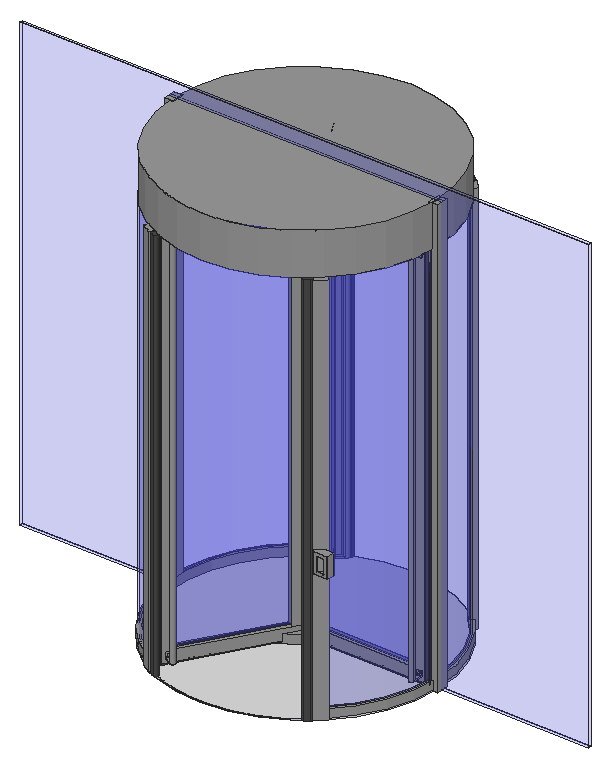
Revit family "Geryon SRD-C01", category Türen, Revit 2016
Family settings
  OmniClass-Nummer = 23.30.10.00
  OmniClass-Titel = Doors
  Immer vertikal = Ja
  Beim Laden mit Abzugskörper schneiden = Nein
  Gemeinsam genutzt = Nein
  Raumberechnungspunkt = Nein
Parameters (values of type "SRD-C01 1920")
  Youtube clip = ""
  Width = 1920.00 mm
  Weight = 0.00 kg
  URL = "http://www.kaba.com/physical-access-systems/en/solutions/92244/security-revolving-doors-and-security-turnstiles.html"
  Type Comments = ""
  Type = "Geryon SRD-E01"
  Technical description = "http://www.kaba.com/physical-access-systems/media/867250/v7/File/product-brochure-geryon-srd-and-sts.pdf"
  StandardUsed = "7"
  ProfileWidth = if(DoorThickness < 40.00 mm, 40.00 mm, DoorThickness)  # 56.00 mm
  ProfileCenter = if(DoorThickness < 40.00 mm, (40.00 mm - DoorThickness) / 2, 0.00 mm)  # 0.00 mm
  Product certification = ""
  Product SKU = "Geryon_SRD-C01"
  Nominal width = 0
  Nominal height = 2300
  Material secondary = "Glass"
  Material main = "Metal"
  Manufacturer name = "DORMA"
  Manufacturer country = "Germany"
  Installation instructions = ""
  HasShutOffDeviceInside180 = no
  HasShutOffDeviceInside120 = no
  HasShutOffDeviceInside = no
  HasShutOffDevice = no
  SectionWidth = 4300.00 mm
  RubberMaterial = Zellkautschuk - EPDM
  RotationInterval 180 = no
  RotationInterval 120 = not(RotationInterval 180)  # yes
  Power = ""
  OuterDiameter = "2800 mm"
  OperatingWeight = 0.00 kg
  MotorDriveType = ""
  Modell = "Talos RDR-E01"
  Manufacturer = "Kaba GmbH"
  Edition number = 1
  EAN code = ""
  Design country = "Germany"
  Date of publishing = "1/16/2017"
  Konstruktionstyp = "Revolving Door"
  Hersteller = "Kaba GmbH"
  Height = 3100.00 mm
  HasShellTopFrame 180 = and(HasShellTopFrame, RotationInterval 180)  # no
  HasShellTopFrame = yes
  HasHandleBar = yes
  HasCentralColumn 180 = and(HasCentralColumn, RotationInterval 180)  # no
  HasCentralColumn 120 = and(HasCentralColumn, RotationInterval 120)  # yes
  HasCentralColumn = yes
  GasShellTopFrame 120 = and(HasShellTopFrame, RotationInterval 120)  # yes
  HasLockInside 180 = and(HasLockInside, RotationInterval 180)  # no
  HasLockInside 120 = and(HasLockInside, RotationInterval 120)  # no
  HasLockInside = no
  HasLock 180 = and(HasLock, RotationInterval 180)  # no
  HasLock 120 = and(HasLock, RotationInterval 120)  # no
  HasLock = no
  HasGrabHandles 180 = and(or(HasGrabHandles, HasHandleBar), RotationInterval 180)  # no
  HasGrabHandles 120 = and(or(HasGrabHandles, HasHandleBar), RotationInterval 120)  # yes
  HasGrabHandles = not(HasHandleBar)  # no
  HasConsoleS2 180 = and(HasConsoleS2, RotationInterval 180)  # no
  HasConsoleS2 120 = and(HasConsoleS2, RotationInterval 120)  # yes
  HasConsoleS2 = yes
  HasConsoleS1 180 = and(HasConsoleS1, RotationInterval 180)  # no
  HasConsoleS1 120 = and(HasConsoleS1, RotationInterval 120)  # yes
  HasConsoleS1 = yes
  HandleMaterial = 1.4401 - A4
  Funktion = Außen
  FrameThicknessCenter = FrameThickness + 12.00 mm  # 92.00 mm
  FrameThickness = 80.00 mm
  FrameMaterial = 1.4401 - A4
  ExpectedLife = ""
  ElementWeight = 0.00 kg
  DoorWidth = AccessLengthOrRadius - 40.00 mm  # 870.00 mm
  DoorThickness = 56.00 mm
  Dicke = 63.00 mm
  DiameterOutside = Diameter + 10.00 mm  # 940.00 mm
  DiameterNightLockGlassOutside = Diameter + 50.00 mm  # 980.00 mm
  DiameterNightLockGlassInside = Diameter + 39.00 mm  # 969.00 mm
  DiameterNightLockFrame = Diameter + 21.00 mm  # 951.00 mm
  DiameterNightLockCover = Diameter + 60.00 mm  # 990.00 mm
  DiameterNightLock = Diameter + 30.00 mm  # 960.00 mm
  DiameterGlassInside = Diameter - 11.00 mm  # 919.00 mm
  DiameterGlassOutside = Diameter  # 930.00 mm
  DiameterCoverFront = Diameter + 80.00 mm  # 1010.00 mm
  Diameter = (Width / 2) - 30.00 mm  # 930.00 mm
  CoverWidth = Height - ClearHeight  # 300.00 mm
  CoverMaterial = Glas
  ConsoleType = console : Type 4
  ConsoleS2 = if(HasLock, DiameterNightLockFrame + 48.00 mm, DiameterNightLockFrame)  # 951.00 mm
  ConsoleS1 = if(HasLockInside, DiameterNightLockFrame + 48.00 mm, DiameterNightLockFrame)  # 951.00 mm
  Colour = ""
  ClearHeight = 2800.00 mm
  BaseType = "250"
  Analytische Konstruktion = "<Keine Auswahl>"
  AccessLengthOrRadius = Diameter - 20.00 mm  # 910.00 mm
Reference planes
  plane 1 "Mitte (Vorne/Hinten)": y = 0
  plane 2: z = 0
  plane 3 "Mitte (Links/Rechts)": x = 0.023
  plane 4 "Section L": x = -2017.477
  plane 5 "Section R": x = 2017.523
  plane 6 "Oberkante": z = 3200
  plane 7: z = 3100
  plane 8 "access height": z = 2800
  plane 9 "180-4": through (-2115.474, 2115.497, 800) normal (0.7071, 0.7071, 0)
  plane 10 "180-1": through (2115.52, 2115.497, 800) normal (0.7071, -0.7071, 0)
  plane 11 "180-2": through (2115.52, -2115.497, 800) normal (-0.7071, -0.7071, 0)
  plane 12 "180-3": through (-2115.474, -2115.497, 800) normal (-0.7071, 0.7071, 0)
  plane 13 "120-1": through (-1495.859, 2590.944, 800) normal (0.866, 0.5, 0)
  plane 14 "120-2": y = 0
  plane 15 "120-3": through (-1495.859, -2590.944, 800) normal (-0.866, 0.5, 0)
  plane 16: through (0.023, 0, 1200) normal (0.9914, 0.1305, 0)
  plane 17: through (0.023, 0, 1200) normal (-0.9914, 0.1305, 0)
  plane 18: through (0.023, 0, 1200) normal (0.5, -0.866, 0)
  plane 19 "upperFrame": z = 2708
  plane 20 "120-3 normal": through (0.023, 0, 1200) normal (0.5, 0.866, 0)
Forms (mm)
  Extrusion 1, solid
    sketch origin (0, 0, 0) x (1, 0, 0) y (0, 0, 1)
      loop
        line (-2017.477, 0) -> (-959.977, 0) -> (-959.977, 3100) -> (960.023, 3100) -> (960.023, 0) -> (2017.523, 0) -> (2017.523, 3200) -> (-2017.477, 3200) -> (-2017.477, 0)
    from -12 to 12
  Extrusion 2, solid, material "1.4401 - A4" <- "FrameMaterial", visible <- "RotationInterval 180"
    sketch origin (100, 0, 0) x (1, 0, 0) y (0, 1, 0)
      loop
        line (-220.977, -121) -> (21.023, -121) -> (21.023, 121) -> (-220.977, 121) -> (-220.977, -121)
    from 0 to 63
  Extrusion 3, solid, material "1.4401 - A4" <- "FrameMaterial"
    sketch origin (0, 0, 0) x (1, 0, 0) y (0, 1, 0)
      loop
        circle (0.023, 0) r 930
    from 2800 <- "ClearHeight" to 3100
  Extrusion 4, solid, material "1.4401 - A4" <- "FrameMaterial", visible <- "RotationInterval 120"
    sketch origin (-8.69, 99.596, 0) x (-0.087156, 0.996195, 0) y (-0.996195, -0.087156, 0)
      loop
        line (82.191, 84.946) -> (-264.626, 115.289) -> (-117.495, -200.235) -> (82.191, 84.946)
    from 0 to 63
  Extrusion 5, solid, material "Glas" <- "CoverMaterial"
    sketch origin (265.046, 0, 0) x (-1, 0, 0) y (0, -1, 0)
      loop
        line (-406.576, -643.315) -> (-398.796, -635.535)
        arc (-398.796, -635.535) -> (-579.651, -362.059) -> (-652.994, -42.5) r 919
        line (-652.994, -42.5) -> (-664.005, -42.5)
        arc (-664.005, -42.5) -> (-589.814, -366.269) -> (-406.576, -643.315) r 930
      loop
        arc (-406.577, 643.314) -> (-589.814, 366.269) -> (-664.005, 42.5) r 930
        line (-664.005, 42.5) -> (-652.994, 42.5)
        arc (-652.994, 42.5) -> (-579.651, 362.059) -> (-398.797, 635.534) r 919
        line (-398.797, 635.534) -> (-406.577, 643.314)
    from 63 to 2800 <- "ClearHeight"
  Extrusion 6, solid
    sketch origin (48.5, -238.964, 0) x (1, 0, 0) y (0, 1, 0)
      loop
        line (-1018.477, 196.464) -> (-958.477, 196.464) -> (-958.477, 281.464) -> (-1018.477, 281.464) -> (-1018.477, 196.464)
    from 0 to 3100
  Extrusion 7, solid, visible <- "RotationInterval 180"
    sketch origin (-3.524, 3.547, 0) x (-0.707107, 0.707107, 0) y (0, 0, 1)
      loop
        line (864.984, 2785) -> (-5.016, 2785) -> (-5.016, 2705) -> (784.984, 2705) -> (784.984, 95) -> (-5.016, 95) -> (-5.016, 15) -> (864.984, 15) -> (864.984, 2785)
    from -28 to 28
  Extrusion 8, solid, visible <- "RotationInterval 180"
    sketch origin (2115.52, -2115.497, 800) x (0.707107, -0.707107, 0) y (0, 0, 1)
      loop
        line (-2121.764, 1985) -> (-2991.764, 1985) -> (-2991.764, 1905) -> (-2201.764, 1905) -> (-2201.764, -705) -> (-2991.764, -705) -> (-2991.764, -785) -> (-2121.764, -785) -> (-2121.764, 1985)
    from -28 to 28
  Extrusion 9, solid, visible <- "RotationInterval 180"
    sketch origin (0.012, 0.012, 0) x (-0.707107, 0.707107, 0) y (0, 0, 1)
      loop
        line (789.984, 2708) -> (-0.016, 2708) -> (-0.016, 100) -> (789.984, 100) -> (789.984, 2708)
    from 3 to 10
  Extrusion 10, solid, visible <- "RotationInterval 180"
    sketch origin (0.012, 0.012, 0) x (-0.707107, 0.707107, 0) y (0, 0, 1)
      loop
        line (789.984, 2708) -> (-0.015, 2708) -> (-0.015, 63) -> (789.984, 63) -> (789.984, 2708)
    from -10 to -3
  Extrusion 11, solid, visible <- "RotationInterval 180"
    sketch origin (2115.52, -2115.497, 800) x (0.707107, -0.707107, 0) y (0, 0, 1)
      loop
        line (-2201.764, 1908) -> (-2991.764, 1908) -> (-2991.764, -737) -> (-2201.764, -737) -> (-2201.764, 1908)
    from 3 to 10
  Extrusion 12, solid, visible <- "RotationInterval 180"
    sketch origin (2115.52, -2115.497, 800) x (0.707107, -0.707107, 0) y (0, 0, 1)
      loop
        line (-2201.764, 1908) -> (-2991.764, 1908) -> (-2991.764, -737) -> (-2201.764, -737) -> (-2201.764, 1908)
    from -10 to -3
  Extrusion 13, solid, visible <- "RotationInterval 180"
    sketch origin (0.012, -0.012, 0) x (0.707107, 0.707107, 0) y (0, 0, 1)
      loop
        line (870.016, 2785) -> (0.016, 2785) -> (0.016, 2705) -> (790.016, 2705) -> (790.016, 95) -> (0.016, 95) -> (0.016, 15) -> (870.016, 15) -> (870.016, 2785)
    from -28 to 28
  Extrusion 14, solid, visible <- "RotationInterval 180"
    sketch origin (0.012, -0.012, 0) x (0.707107, 0.707107, 0) y (0, 0, 1)
      loop
        line (790.016, 2708) -> (0.016, 2708) -> (0.016, 63) -> (790.016, 63) -> (790.016, 2708)
    from 3 to 10
  Extrusion 15, solid, visible <- "RotationInterval 180"
    sketch origin (0.012, -0.012, 0) x (0.707107, 0.707107, 0) y (0, 0, 1)
      loop
        line (790.016, 2708) -> (0.017, 2708) -> (0.017, 63) -> (790.016, 63) -> (790.016, 2708)
    from -10 to -3
  Extrusion 16, solid, visible <- "RotationInterval 180"
    sketch origin (0.012, -0.012, 0) x (-0.707107, -0.707107, 0) y (0, 0, 1)
      loop
        line (869.984, 2785) -> (-0.016, 2785) -> (-0.016, 2705) -> (789.984, 2705) -> (789.984, 95) -> (-0.016, 95) -> (-0.016, 15) -> (869.984, 15) -> (869.984, 2785)
    from -28 to 28
  Extrusion 17, solid, visible <- "RotationInterval 180"
    sketch origin (0.012, -0.012, 0) x (-0.707107, -0.707107, 0) y (0, 0, 1)
      loop
        line (789.984, 2708) -> (-0.017, 2708) -> (-0.017, 63) -> (789.984, 63) -> (789.984, 2708)
    from 3 to 10
  Extrusion 18, solid, visible <- "RotationInterval 180"
    sketch origin (0.012, -0.012, 0) x (-0.707107, -0.707107, 0) y (0, 0, 1)
      loop
        line (789.984, 2708) -> (-0.017, 2708) -> (-0.017, 63) -> (789.984, 63) -> (789.984, 2708)
    from -10 to -3
  Extrusion 19, solid
    sketch origin (-28.454, -238.964, 0) x (-1, 0, 0) y (0, -1, 0)
      loop
        line (-998.477, -196.464) -> (-998.477, -281.464) -> (-938.477, -281.464) -> (-938.477, -196.464) -> (-998.477, -196.464)
    from 0 to 3100
  Extrusion 20, solid
    sketch origin (148.86, -189.109, 0) x (-0.707107, -0.707107, 0) y (0.707107, -0.707107, 0)
      loop
        line (-986.977, -218.964) -> (-986.977, -303.964) -> (-938.477, -303.964) -> (-938.477, -218.964) -> (-986.977, -218.964)
    from 0 to 2800
  Extrusion 21, solid, visible <- "RotationInterval 180"
    sketch origin (-148.814, 189.109, 0) x (0.707107, 0.707107, 0) y (-0.707107, 0.707107, 0)
      loop
        line (-986.977, -218.964) -> (-986.977, -303.964) -> (-938.477, -303.964) -> (-938.477, -218.964) -> (-986.977, -218.964)
    from 0 to 2800
  Extrusion 22, solid
    sketch origin (148.86, 189.109, 0) x (-0.707107, 0.707107, 0) y (-0.707107, -0.707107, 0)
      loop
        line (-986.977, 218.963) -> (-938.477, 218.963) -> (-938.477, 303.963) -> (-986.977, 303.963) -> (-986.977, 218.963)
    from 0 to 2800
  Extrusion 23, solid, visible <- "RotationInterval 120"
    sketch origin (22.836, 129.208, 0) x (-0.5, 0.866025, 0) y (0, 0, 1)
      loop
        line (769.509, 2785) -> (-100.491, 2785) -> (-100.491, 2705) -> (689.509, 2705) -> (689.509, 95) -> (-100.491, 95) -> (-100.491, 15) -> (769.509, 15) -> (769.509, 2785)
    from -112.36 to -56.36
  Extrusion 24, solid, visible <- "RotationInterval 120"
    sketch origin (0.017, 0.01, 0) x (-0.5, 0.866025, 0) y (0, 0, 1)
      loop
        line (789.988, 2705) -> (-0.012, 2705) -> (-0.012, 95) -> (789.988, 95) -> (789.988, 2705)
    from 3 to 10
  Extrusion 25, solid, visible <- "RotationInterval 120"
    sketch origin (0.017, 0.01, 0) x (-0.5, 0.866025, 0) y (0, 0, 1)
      loop
        line (789.988, 2705) -> (-0.012, 2705) -> (-0.012, 63) -> (789.988, 63) -> (789.988, 2705)
    from -10 to -3
  Extrusion 26, solid, visible <- "RotationInterval 120"
    sketch origin (0, 0, 0) x (1, 0, 0) y (0, 0, 1)
      loop
        line (870.023, 2785) -> (0.023, 2785) -> (0.023, 2705) -> (790.023, 2705) -> (790.023, 95) -> (0.023, 95) -> (0.023, 15) -> (870.023, 15) -> (870.023, 2785)
    from -28 to 28
  Extrusion 27, solid, visible <- "RotationInterval 120"
    sketch origin (0, 0, 0) x (1, 0, 0) y (0, 0, 1)
      loop
        line (790.023, 2708) -> (0.023, 2708) -> (0.023, 95) -> (790.023, 95) -> (790.023, 2708)
    from 3 to 10
  Extrusion 28, solid, visible <- "RotationInterval 120"
    sketch origin (0, 0, 0) x (1, 0, 0) y (0, 0, 1)
      loop
        line (790.023, 2708) -> (0.023, 2708) -> (0.023, 63) -> (790.023, 63) -> (790.023, 2708)
    from -10 to -3
  Extrusion 29, solid, visible <- "RotationInterval 120"
    sketch origin (0.017, -0.01, 0) x (-0.5, -0.866025, 0) y (0, 0, 1)
      loop
        line (789.988, 2705) -> (-0.789, 2705) -> (-0.789, 95) -> (789.988, 95) -> (789.988, 2705)
    from 3 to 10
  Extrusion 30, solid, visible <- "HasLock"
    sketch origin (0, 0, 0) x (1, 0, 0) y (0, 1, 0)
      loop
        line (930.023, 0) -> (1010.023, 0)
        arc (1010.023, 0) -> (0.023, 1010) -> (-1009.977, 0) r 1010
        line (-1009.977, 0) -> (-929.977, 0)
        arc (-929.977, 0) -> (0.023, 930) -> (930.023, 0) r 930
    from 2800 to 3100
  Sweep 31, solid, visible <- "RotationInterval 180"
    path in 3D
      loop
        line (19.822, -19.799, 2785) -> (-595.361, -634.982, 2785) -> (-595.361, -634.982, 15) -> (19.822, -19.799, 15)
    profile "brush profile : brush profile" origin (-287.769, -327.39, 2785) x (0.707107, -0.707107, 0) y (0, 0, 1)
      loop
        arc (-3.005, 0) -> (-0.742, 1.408) -> (-1.004, 4.06) r 2.523
        line (-1.004, 4.06) -> (-11.5, 14.434)
        arc (-11.5, 14.434) -> (-12.22, 14.806) -> (-13.021, 14.931) r 2.53
        line (-13.021, 14.931) -> (-23.617, 14.931)
        arc (-23.617, 14.931) -> (-24.966, 14.402) -> (-25.598, 13.097) r 1.987
        line (-25.598, 13.097) -> (-26.301, 4.016) -> (-28, 4.016) -> (-29.699, 4.016) -> (-30.402, 13.097)
        arc (-30.402, 13.097) -> (-31.034, 14.402) -> (-32.383, 14.931) r 1.987
        line (-32.383, 14.931) -> (-43, 14.931)
        arc (-43, 14.931) -> (-43.799, 14.809) -> (-44.521, 14.447) r 2.588
        line (-44.521, 14.447) -> (-54.818, 4.223)
        arc (-54.818, 4.223) -> (-55.312, 1.516) -> (-53.017, 0) r 2.496
        line (-53.017, 0) -> (-3.005, 0)
  Sweep 32, solid, visible <- "RotationInterval 180"
    path in 3D
      loop
        line (-19.776, -19.799, 15) -> (595.407, -634.982, 15) -> (595.407, -634.982, 2785) -> (-19.776, -19.799, 2785)
    profile "brush profile : brush profile" origin (287.816, -327.39, 2785) x (-0.707107, -0.707107, 0) y (0, 0, 1)
      loop
        arc (-3.005, 0) -> (-0.742, 1.408) -> (-1.004, 4.06) r 2.523
        line (-1.004, 4.06) -> (-11.5, 14.434)
        arc (-11.5, 14.434) -> (-12.22, 14.806) -> (-13.021, 14.931) r 2.53
        line (-13.021, 14.931) -> (-23.617, 14.931)
        arc (-23.617, 14.931) -> (-24.966, 14.402) -> (-25.598, 13.097) r 1.987
        line (-25.598, 13.097) -> (-26.301, 4.016) -> (-28, 4.016) -> (-29.699, 4.016) -> (-30.402, 13.097)
        arc (-30.402, 13.097) -> (-31.034, 14.402) -> (-32.383, 14.931) r 1.987
        line (-32.383, 14.931) -> (-43, 14.931)
        arc (-43, 14.931) -> (-43.799, 14.809) -> (-44.521, 14.447) r 2.588
        line (-44.521, 14.447) -> (-54.818, 4.223)
        arc (-54.818, 4.223) -> (-55.312, 1.516) -> (-53.017, 0) r 2.496
        line (-53.017, 0) -> (-3.005, 0)
  Sweep 33, solid, visible <- "RotationInterval 120"
    path in 3D
      loop
        line (0.023, 28, 2785) -> (870.023, 28, 2785) -> (870.023, 28, 15) -> (0.023, 28, 15)
    profile "brush profile : brush profile" origin (435.023, 28, 2785) x (0, 1, 0) y (0, 0, 1)
      loop
        arc (-3.005, 0) -> (-0.742, 1.408) -> (-1.004, 4.06) r 2.523
        line (-1.004, 4.06) -> (-11.5, 14.434)
        arc (-11.5, 14.434) -> (-12.22, 14.806) -> (-13.021, 14.931) r 2.53
        line (-13.021, 14.931) -> (-23.617, 14.931)
        arc (-23.617, 14.931) -> (-24.966, 14.402) -> (-25.598, 13.097) r 1.987
        line (-25.598, 13.097) -> (-26.301, 4.016) -> (-28, 4.016) -> (-29.699, 4.016) -> (-30.402, 13.097)
        arc (-30.402, 13.097) -> (-31.034, 14.402) -> (-32.383, 14.931) r 1.987
        line (-32.383, 14.931) -> (-43, 14.931)
        arc (-43, 14.931) -> (-43.799, 14.809) -> (-44.521, 14.447) r 2.588
        line (-44.521, 14.447) -> (-54.818, 4.223)
        arc (-54.818, 4.223) -> (-55.312, 1.516) -> (-53.017, 0) r 2.496
        line (-53.017, 0) -> (-3.005, 0)
  Sweep 34, solid, visible <- "RotationInterval 180"
    path in 3D
      loop
        line (19.822, -19.799, 15) -> (635.005, 595.384, 15) -> (635.005, 595.384, 2785) -> (19.822, -19.799, 2785)
    profile "brush profile : brush profile" origin (327.414, 287.792, 2785) x (0.707107, -0.707107, 0) y (0, 0, 1)
      loop
        arc (-3.005, 0) -> (-0.742, 1.408) -> (-1.004, 4.06) r 2.523
        line (-1.004, 4.06) -> (-11.5, 14.434)
        arc (-11.5, 14.434) -> (-12.22, 14.806) -> (-13.021, 14.931) r 2.53
        line (-13.021, 14.931) -> (-23.617, 14.931)
        arc (-23.617, 14.931) -> (-24.966, 14.402) -> (-25.598, 13.097) r 1.987
        line (-25.598, 13.097) -> (-26.301, 4.016) -> (-28, 4.016) -> (-29.699, 4.016) -> (-30.402, 13.097)
        arc (-30.402, 13.097) -> (-31.034, 14.402) -> (-32.383, 14.931) r 1.987
        line (-32.383, 14.931) -> (-43, 14.931)
        arc (-43, 14.931) -> (-43.799, 14.809) -> (-44.521, 14.447) r 2.588
        line (-44.521, 14.447) -> (-54.818, 4.223)
        arc (-54.818, 4.223) -> (-55.312, 1.516) -> (-53.017, 0) r 2.496
        line (-53.017, 0) -> (-3.005, 0)
  Sweep 35, solid, visible <- "RotationInterval 120"
    path in 3D
      loop
        line (24.272, 14, 15) -> (-410.728, 767.442, 15) -> (-410.728, 767.442, 2785) -> (24.272, 14, 2785)
    profile "brush profile : brush profile" origin (-193.228, 390.721, 2785) x (0.866025, 0.5, 0) y (0, 0, 1)
      loop
        arc (-3.005, 0) -> (-0.742, 1.408) -> (-1.004, 4.06) r 2.523
        line (-1.004, 4.06) -> (-11.5, 14.434)
        arc (-11.5, 14.434) -> (-12.22, 14.806) -> (-13.021, 14.931) r 2.53
        line (-13.021, 14.931) -> (-23.617, 14.931)
        arc (-23.617, 14.931) -> (-24.966, 14.402) -> (-25.598, 13.097) r 1.987
        line (-25.598, 13.097) -> (-26.301, 4.016) -> (-28, 4.016) -> (-29.699, 4.016) -> (-30.402, 13.097)
        arc (-30.402, 13.097) -> (-31.034, 14.402) -> (-32.383, 14.931) r 1.987
        line (-32.383, 14.931) -> (-43, 14.931)
        arc (-43, 14.931) -> (-43.799, 14.809) -> (-44.521, 14.447) r 2.588
        line (-44.521, 14.447) -> (-54.818, 4.223)
        arc (-54.818, 4.223) -> (-55.312, 1.516) -> (-53.017, 0) r 2.496
        line (-53.017, 0) -> (-3.005, 0)
  Sweep 36, solid, visible <- "RotationInterval 180"
    path in 3D
      loop
        line (19.822, 19.799, 15) -> (-595.361, 634.982, 15) -> (-595.361, 634.982, 2785) -> (19.822, 19.799, 2785)
    profile "brush profile : brush profile" origin (-287.769, 327.39, 2785) x (0.707107, 0.707107, 0) y (0, 0, 1)
      loop
        arc (-3.005, 0) -> (-0.742, 1.408) -> (-1.004, 4.06) r 2.523
        line (-1.004, 4.06) -> (-11.5, 14.434)
        arc (-11.5, 14.434) -> (-12.22, 14.806) -> (-13.021, 14.931) r 2.53
        line (-13.021, 14.931) -> (-23.617, 14.931)
        arc (-23.617, 14.931) -> (-24.966, 14.402) -> (-25.598, 13.097) r 1.987
        line (-25.598, 13.097) -> (-26.301, 4.016) -> (-28, 4.016) -> (-29.699, 4.016) -> (-30.402, 13.097)
        arc (-30.402, 13.097) -> (-31.034, 14.402) -> (-32.383, 14.931) r 1.987
        line (-32.383, 14.931) -> (-43, 14.931)
        arc (-43, 14.931) -> (-43.799, 14.809) -> (-44.521, 14.447) r 2.588
        line (-44.521, 14.447) -> (-54.818, 4.223)
        arc (-54.818, 4.223) -> (-55.312, 1.516) -> (-53.017, 0) r 2.496
        line (-53.017, 0) -> (-3.005, 0)
  Sweep 37, solid, visible <- "RotationInterval 120"
    path in 3D
      loop
        line (-24.226, 14, 15) -> (-459.226, -739.442, 15) -> (-459.226, -739.442, 2785) -> (-24.226, 14, 2785)
    profile "brush profile : brush profile" origin (-241.726, -362.721, 15) x (-0.866025, 0.5, 0) y (0, 0, -1)
      loop
        arc (-3.005, 0) -> (-0.742, 1.408) -> (-1.004, 4.06) r 2.523
        line (-1.004, 4.06) -> (-11.5, 14.434)
        arc (-11.5, 14.434) -> (-12.22, 14.806) -> (-13.021, 14.931) r 2.53
        line (-13.021, 14.931) -> (-23.617, 14.931)
        arc (-23.617, 14.931) -> (-24.966, 14.402) -> (-25.598, 13.097) r 1.987
        line (-25.598, 13.097) -> (-26.301, 4.016) -> (-28, 4.016) -> (-29.699, 4.016) -> (-30.402, 13.097)
        arc (-30.402, 13.097) -> (-31.034, 14.402) -> (-32.383, 14.931) r 1.987
        line (-32.383, 14.931) -> (-43, 14.931)
        arc (-43, 14.931) -> (-43.799, 14.809) -> (-44.521, 14.447) r 2.588
        line (-44.521, 14.447) -> (-54.818, 4.223)
        arc (-54.818, 4.223) -> (-55.312, 1.516) -> (-53.017, 0) r 2.496
        line (-53.017, 0) -> (-3.005, 0)
  Extrusion 38, solid, material "PVC-Hart"
    sketch origin (0, 0, 0) x (1, 0, 0) y (0, 1, 0)
      loop
        circle (0.023, 0) r 940
    from -8 to 1
  Extrusion 39, solid, visible <- "HasLockInside"
    sketch origin (0, 0, 0) x (1, 0, 0) y (0, 1, 0)
      loop
        arc (930.023, 0) -> (0.023, -930) -> (-929.977, 0) r 930
        line (-929.977, 0) -> (-1009.977, 0)
        arc (-1009.977, 0) -> (0.023, -1010) -> (1010.023, 0) r 1010
        line (1010.023, 0) -> (930.023, 0)
    from 2800 to 3100
  Extrusion 40, solid, visible <- "HasLockInside 180"
    sketch origin (238.987, 28.477, 0) x (0, 1, 0) y (-1, 0, 0)
      loop
        arc (-1027.977, 240.764) -> (-1027.45, 239.491) -> (-1026.177, 238.964) r 1.8
        line (-1026.177, 238.964) -> (-981.477, 238.964)
        arc (-981.477, 238.964) -> (-980.063, 239.55) -> (-979.477, 240.964) r 2
        line (-979.477, 240.964) -> (-979.477, 321.964)
        arc (-979.477, 321.964) -> (-980.063, 323.378) -> (-981.477, 323.964) r 2
        line (-981.477, 323.964) -> (-1026.177, 323.964)
        arc (-1026.177, 323.964) -> (-1027.45, 323.437) -> (-1027.977, 322.164) r 1.8
        line (-1027.977, 322.164) -> (-1027.977, 240.764)
    from 0 to 2800
  Extrusion 41, solid, visible <- "HasLockInside 180"
    sketch origin (-238.941, 28.477, 0) x (0, 1, 0) y (-1, 0, 0)
      loop
        line (-1027.977, -240.964) -> (-1027.977, -321.964)
        arc (-1027.977, -321.964) -> (-1027.391, -323.378) -> (-1025.977, -323.964) r 2
        line (-1025.977, -323.964) -> (-981.477, -323.964)
        arc (-981.477, -323.964) -> (-980.063, -323.378) -> (-979.477, -321.964) r 2
        line (-979.477, -321.964) -> (-979.477, -240.964)
        arc (-979.477, -240.964) -> (-980.063, -239.55) -> (-981.477, -238.964) r 2
        line (-981.477, -238.964) -> (-1025.977, -238.964)
        arc (-1025.977, -238.964) -> (-1027.391, -239.55) -> (-1027.977, -240.964) r 2
    from 0 to 2800
  Extrusion 42, solid, visible <- "HasLockInside 180"
    sketch origin (219.184, -178.889, 0) x (0.707107, 0.707107, 0) y (-0.707107, 0.707107, 0)
      loop
        arc (-1027.977, 218.464) -> (-1027.391, 217.05) -> (-1025.977, 216.464) r 2
        line (-1025.977, 216.464) -> (-981.477, 216.464)
        arc (-981.477, 216.464) -> (-980.063, 217.05) -> (-979.477, 218.464) r 2
        line (-979.477, 218.464) -> (-979.477, 299.464)
        arc (-979.477, 299.464) -> (-980.063, 300.878) -> (-981.477, 301.464) r 2
        line (-981.477, 301.464) -> (-1025.977, 301.464)
        arc (-1025.977, 301.464) -> (-1027.391, 300.878) -> (-1027.977, 299.464) r 2
        line (-1027.977, 299.464) -> (-1027.977, 218.464)
    from 0 to 2800
  Extrusion 43, solid, visible <- "HasLockInside"
    sketch origin (-219.138, -178.889, 0) x (-0.707107, 0.707107, 0) y (-0.707107, -0.707107, 0)
      loop
        line (-1027.977, -218.462) -> (-1027.977, -299.462)
        arc (-1027.977, -299.462) -> (-1027.391, -300.876) -> (-1025.977, -301.462) r 2
        line (-1025.977, -301.462) -> (-981.477, -301.462)
        arc (-981.477, -301.462) -> (-980.063, -300.876) -> (-979.477, -299.462) r 2
        line (-979.477, -299.462) -> (-979.477, -218.462)
        arc (-979.477, -218.462) -> (-980.063, -217.048) -> (-981.477, -216.462) r 2
        line (-981.477, -216.462) -> (-1025.977, -216.462)
        arc (-1025.977, -216.462) -> (-1027.391, -217.048) -> (-1027.977, -218.462) r 2
    from 0 to 2800
  Extrusion 44, solid, visible <- "HasLockInside 180"
    sketch origin (0, 0, 0) x (1, 0, 0) y (0, 1, 0)
      loop
        line (-631.28, -723.227) -> (-652.54, -744.487)
        arc (-652.54, -744.487) -> (-388.079, -910.756) -> (-84.977, -986.344) r 990
        line (-84.977, -986.344) -> (-84.977, -956.23)
        arc (-84.977, -956.23) -> (-376.6, -883.037) -> (-631.28, -723.227) r 960
    from 0 to 63
  Extrusion 45, solid, visible <- "HasLockInside 180"
    sketch origin (0, 0, 0) x (1, 0, 0) y (0, 1, 0)
      loop
        arc (-84.977, -965.265) -> (-380.044, -891.353) -> (-637.658, -729.605) r 969
        line (-637.658, -729.605) -> (-645.454, -737.401)
        arc (-645.454, -737.401) -> (-384.253, -901.516) -> (-84.977, -976.307) r 980
        line (-84.977, -976.307) -> (-84.977, -965.265)
    from 63 to 2708
  Extrusion 46, solid, visible <- "HasLockInside 180"
    sketch origin (0.046, 0, 0) x (-1, 0, 0) y (0, -1, 0)
      loop
        line (-84.977, 965.265) -> (-84.977, 976.307)
        arc (-84.977, 976.307) -> (-384.252, 901.517) -> (-645.452, 737.402) r 980
        line (-645.452, 737.402) -> (-637.657, 729.606)
        arc (-637.657, 729.606) -> (-380.043, 891.353) -> (-84.977, 965.265) r 969
    from 63 to 2708
  Extrusion 47, solid, visible <- "HasLockInside 180"
    sketch origin (0, 0, 0) x (1, 0, 0) y (0, 1, 0)
      loop
        line (77.862, -956.839) -> (77.862, -986.935)
        arc (77.862, -986.935) -> (384.817, -912.159) -> (652.585, -744.488) r 990
        line (652.585, -744.488) -> (631.324, -723.228)
        arc (631.324, -723.228) -> (373.338, -884.441) -> (77.862, -956.839) r 960
    from 0 to 63
  Extrusion 48, solid, visible <- "HasLockInside 180"
    sketch origin (0, 0, 0) x (1, 0, 0) y (0, 1, 0)
      loop
        line (77.862, -956.839) -> (77.862, -986.935)
        arc (77.862, -986.935) -> (384.817, -912.159) -> (652.585, -744.488) r 990
        line (652.585, -744.488) -> (631.324, -723.228)
        arc (631.324, -723.228) -> (373.338, -884.441) -> (77.862, -956.839) r 960
      loop
        arc (-652.54, -744.487) -> (-388.079, -910.756) -> (-84.977, -986.344) r 990
        line (-84.977, -986.344) -> (-84.977, -956.23)
        arc (-84.977, -956.23) -> (-376.6, -883.037) -> (-631.28, -723.227) r 960
        line (-631.28, -723.227) -> (-652.54, -744.487)
    from 2708 to 2800
  Extrusion 49, solid, visible <- "HasLock 180"
    sketch origin (238.987, -28.477, 0) x (0, -1, 0) y (1, 0, 0)
      loop
        line (-1027.977, -240.764) -> (-1027.977, -322.164)
        arc (-1027.977, -322.164) -> (-1027.45, -323.437) -> (-1026.177, -323.964) r 1.8
        line (-1026.177, -323.964) -> (-981.477, -323.964)
        arc (-981.477, -323.964) -> (-980.063, -323.378) -> (-979.477, -321.964) r 2
        line (-979.477, -321.964) -> (-979.477, -240.964)
        arc (-979.477, -240.964) -> (-980.063, -239.55) -> (-981.477, -238.964) r 2
        line (-981.477, -238.964) -> (-1026.177, -238.964)
        arc (-1026.177, -238.964) -> (-1027.45, -239.491) -> (-1027.977, -240.764) r 1.8
    from 0 to 2800
  Extrusion 50, solid, visible <- "HasLock 180"
    sketch origin (-238.941, -28.477, 0) x (0, -1, 0) y (1, 0, 0)
      loop
        arc (-1027.977, 240.965) -> (-1027.391, 239.551) -> (-1025.977, 238.965) r 2
        line (-1025.977, 238.965) -> (-981.477, 238.965)
        arc (-981.477, 238.965) -> (-980.063, 239.551) -> (-979.477, 240.965) r 2
        line (-979.477, 240.965) -> (-979.477, 321.965)
        arc (-979.477, 321.965) -> (-980.063, 323.379) -> (-981.477, 323.965) r 2
        line (-981.477, 323.965) -> (-1025.977, 323.965)
        arc (-1025.977, 323.965) -> (-1027.391, 323.379) -> (-1027.977, 321.965) r 2
        line (-1027.977, 321.965) -> (-1027.977, 240.965)
    from 0 to 2800
  Extrusion 51, solid, visible <- "HasLock 180"
    sketch origin (219.184, 178.889, 0) x (0.707107, -0.707107, 0) y (0.707107, 0.707107, 0)
      loop
        line (-1027.977, -218.465) -> (-1027.977, -299.465)
        arc (-1027.977, -299.465) -> (-1027.391, -300.879) -> (-1025.977, -301.465) r 2
        line (-1025.977, -301.465) -> (-981.477, -301.465)
        arc (-981.477, -301.465) -> (-980.063, -300.879) -> (-979.477, -299.465) r 2
        line (-979.477, -299.465) -> (-979.477, -218.465)
        arc (-979.477, -218.465) -> (-980.063, -217.051) -> (-981.477, -216.465) r 2
        line (-981.477, -216.465) -> (-1025.977, -216.465)
        arc (-1025.977, -216.465) -> (-1027.391, -217.051) -> (-1027.977, -218.465) r 2
    from 0 to 2800
  Extrusion 52, solid, visible <- "HasLock"
    sketch origin (-219.138, 178.889, 0) x (-0.707107, -0.707107, 0) y (0.707107, -0.707107, 0)
      loop
        arc (-1027.977, 218.464) -> (-1027.391, 217.05) -> (-1025.977, 216.464) r 2
        line (-1025.977, 216.464) -> (-981.477, 216.464)
        arc (-981.477, 216.464) -> (-980.063, 217.05) -> (-979.477, 218.464) r 2
        line (-979.477, 218.464) -> (-979.477, 299.464)
        arc (-979.477, 299.464) -> (-980.063, 300.878) -> (-981.477, 301.464) r 2
        line (-981.477, 301.464) -> (-1025.977, 301.464)
        arc (-1025.977, 301.464) -> (-1027.391, 300.878) -> (-1027.977, 299.464) r 2
        line (-1027.977, 299.464) -> (-1027.977, 218.464)
    from 0 to 2800
  Extrusion 53, solid, visible <- "HasLock 180"
    sketch origin (0, 0, 0) x (1, 0, 0) y (0, 1, 0)
      loop
        line (-84.977, 965.265) -> (-84.977, 976.307)
        arc (-84.977, 976.307) -> (-384.253, 901.516) -> (-645.454, 737.4) r 980
        line (-645.454, 737.4) -> (-637.659, 729.605)
        arc (-637.659, 729.605) -> (-380.044, 891.353) -> (-84.977, 965.265) r 969
    from 63 to 2708
  Extrusion 54, solid, visible <- "HasLock 180"
    sketch origin (0.046, 0, 0) x (-1, 0, 0) y (0, -1, 0)
      loop
        arc (-84.977, -965.265) -> (-380.044, -891.353) -> (-637.658, -729.605) r 969
        line (-637.658, -729.605) -> (-645.454, -737.401)
        arc (-645.454, -737.401) -> (-384.253, -901.516) -> (-84.977, -976.307) r 980
        line (-84.977, -976.307) -> (-84.977, -965.265)
    from 63 to 2708
  Extrusion 55, solid, visible <- "HasLock 180"
    sketch origin (0, 0, 0) x (1, 0, 0) y (0, 1, 0)
      loop
        arc (-84.977, 986.344) -> (-388.08, 910.756) -> (-652.541, 744.487) r 990
        line (-652.541, 744.487) -> (-631.28, 723.226)
        arc (-631.28, 723.226) -> (-376.6, 883.037) -> (-84.977, 956.23) r 960
        line (-84.977, 956.23) -> (-84.977, 986.344)
      loop
        line (631.326, 723.227) -> (652.586, 744.487)
        arc (652.586, 744.487) -> (388.126, 910.756) -> (85.024, 986.344) r 990
        line (85.024, 986.344) -> (85.024, 956.229)
        arc (85.024, 956.229) -> (376.647, 883.037) -> (631.326, 723.227) r 960
    from 0 to 63
  Extrusion 56, solid, visible <- "HasLock 180"
    sketch origin (0, 0, 0) x (1, 0, 0) y (0, 1, 0)
      loop
        arc (-84.977, 986.344) -> (-388.08, 910.756) -> (-652.541, 744.487) r 990
        line (-652.541, 744.487) -> (-631.28, 723.226)
        arc (-631.28, 723.226) -> (-376.6, 883.037) -> (-84.977, 956.23) r 960
        line (-84.977, 956.23) -> (-84.977, 986.344)
      loop
        line (631.326, 723.227) -> (652.586, 744.487)
        arc (652.586, 744.487) -> (388.126, 910.756) -> (85.024, 986.344) r 990
        line (85.024, 986.344) -> (85.024, 956.229)
        arc (85.024, 956.229) -> (376.647, 883.037) -> (631.326, 723.227) r 960
    from 2708 to 2800
  Extrusion 57, solid, visible <- "HasShellTopFrame 180"
    sketch origin (0, 0, 0) x (1, 0, 0) y (0, 1, 0)
      loop
        arc (-643.444, -643.467) -> (-909.977, 0) -> (-643.444, 643.467) r 910
        line (-643.444, 643.467) -> (-664.657, 664.68)
        arc (-664.657, 664.68) -> (-939.977, 0) -> (-664.657, -664.68) r 940
        line (-664.657, -664.68) -> (-643.444, -643.467)
      loop
        arc (643.49, 643.467) -> (910.023, 0) -> (643.49, -643.467) r 910
        line (643.49, -643.467) -> (664.703, -664.68)
        arc (664.703, -664.68) -> (940.023, 0) -> (664.703, 664.68) r 940
        line (664.703, 664.68) -> (643.49, 643.467)
    from 2708 to 2800 <- "ClearHeight"
  Extrusion 58, solid, visible <- "RotationInterval 120"
    sketch origin (258.017, 116.07, 0) x (0.5, -0.866025, 0) y (0.866025, 0.5, 0)
      loop
        line (-986.977, -218.465) -> (-986.977, -299.465)
        arc (-986.977, -299.465) -> (-986.391, -300.879) -> (-984.977, -301.465) r 2
        line (-984.977, -301.465) -> (-940.477, -301.465)
        arc (-940.477, -301.465) -> (-939.063, -300.879) -> (-938.477, -299.465) r 2
        line (-938.477, -299.465) -> (-938.477, -218.465)
        arc (-938.477, -218.465) -> (-939.063, -217.051) -> (-940.477, -216.465) r 2
        line (-940.477, -216.465) -> (-984.977, -216.465)
        arc (-984.977, -216.465) -> (-986.391, -217.051) -> (-986.977, -218.465) r 2
    from 0 to 2800
  Extrusion 59, solid, material "Glas" <- "CoverMaterial", visible <- "RotationInterval 180"
    sketch origin (100, 0, 0) x (1, 0, 0) y (0, 1, 0)
      loop
        arc (-757.586, 657.609) -> (-950.826, 375.44) -> (-1029.005, 42.5) r 930
        line (-1029.005, 42.5) -> (-1017.994, 42.5)
        arc (-1017.994, 42.5) -> (-940.661, 371.23) -> (-749.808, 649.831) r 919
        line (-749.808, 649.831) -> (-757.586, 657.609)
      loop
        line (-1017.994, -42.5) -> (-1029.005, -42.5)
        arc (-1029.005, -42.5) -> (-950.826, -375.44) -> (-757.586, -657.609) r 930
        line (-757.586, -657.609) -> (-749.808, -649.831)
        arc (-749.808, -649.831) -> (-940.661, -371.23) -> (-1017.994, -42.5) r 919
    from 63 to 2800 <- "ClearHeight"
  Extrusion 60, solid, visible <- "RotationInterval 180"
    sketch origin (0, 0, 0) x (1, 0, 0) y (0, 1, 0)
      loop
        arc (-664.657, 664.68) -> (-939.977, 0) -> (-664.657, -664.68) r 940
        line (-664.657, -664.68) -> (-643.444, -643.467)
        arc (-643.444, -643.467) -> (-909.977, 0) -> (-643.444, 643.467) r 910
        line (-643.444, 643.467) -> (-664.657, 664.68)
    from 0 to 63
  Extrusion 61, solid, visible <- "RotationInterval 180"
    sketch origin (219.184, 178.889, 0) x (0.707107, -0.707107, 0) y (0.707107, 0.707107, 0)
      loop
        line (-986.977, -218.464) -> (-986.977, -299.464)
        arc (-986.977, -299.464) -> (-986.391, -300.878) -> (-984.977, -301.464) r 2
        line (-984.977, -301.464) -> (-940.477, -301.464)
        arc (-940.477, -301.464) -> (-939.063, -300.878) -> (-938.477, -299.464) r 2
        line (-938.477, -299.464) -> (-938.477, -218.464)
        arc (-938.477, -218.464) -> (-939.063, -217.05) -> (-940.477, -216.464) r 2
        line (-940.477, -216.464) -> (-984.977, -216.464)
        arc (-984.977, -216.464) -> (-986.391, -217.05) -> (-986.977, -218.464) r 2
    from 0 to 2800
  Extrusion 62, solid, visible <- "RotationInterval 120"
    sketch origin (-148.814, 189.109, 0) x (0.707107, 0.707107, 0) y (-0.707107, 0.707107, 0)
      loop
        line (-959.493, -467.724) -> (-937.494, -549.827) -> (-890.646, -537.275) -> (-912.646, -455.171) -> (-959.493, -467.724)
    from 0 to 2800
  Extrusion 63, solid, visible <- "HasLockInside 120"
    sketch origin (258.017, -116.07, 0) x (0.5, 0.866025, 0) y (-0.866025, 0.5, 0)
      loop
        arc (-1027.977, 218.464) -> (-1027.391, 217.05) -> (-1025.977, 216.464) r 2
        line (-1025.977, 216.464) -> (-981.477, 216.464)
        arc (-981.477, 216.464) -> (-980.063, 217.05) -> (-979.477, 218.464) r 2
        line (-979.477, 218.464) -> (-979.477, 299.464)
        arc (-979.477, 299.464) -> (-980.063, 300.878) -> (-981.477, 301.464) r 2
        line (-981.477, 301.464) -> (-1025.977, 301.464)
        arc (-1025.977, 301.464) -> (-1027.391, 300.878) -> (-1027.977, 299.464) r 2
        line (-1027.977, 299.464) -> (-1027.977, 218.464)
    from 0 to 2800
  Extrusion 64, solid, visible <- "HasLockInside 120"
    sketch origin (0, 0, 0) x (1, 0, 0) y (0, 1, 0)
      loop
        line (-479.977, -831.384) -> (-494.977, -857.365)
        arc (-494.977, -857.365) -> (129.244, -981.53) -> (700.059, -700.036) r 990
        line (700.059, -700.036) -> (678.846, -678.823)
        arc (678.846, -678.823) -> (125.328, -951.787) -> (-479.977, -831.384) r 960
    from 0 to 63
  Extrusion 65, solid, visible <- "HasLockInside 120"
    sketch origin (0, 0, 0) x (1, 0, 0) y (0, 1, 0)
      loop
        arc (-432.606, -879.336) -> (-200.992, -959.163) -> (43.184, -979.049) r 980
        line (43.184, -979.049) -> (41.743, -968.101)
        arc (41.743, -968.101) -> (-198.847, -948.373) -> (-427.094, -869.788) r 969
        line (-427.094, -869.788) -> (-432.606, -879.336)
      loop
        line (645.498, -737.402) -> (637.703, -729.606)
        arc (637.703, -729.606) -> (437.573, -864.587) -> (210.288, -945.912) r 969
        line (210.288, -945.912) -> (211.73, -956.86)
        arc (211.73, -956.86) -> (442.438, -874.454) -> (645.498, -737.402) r 980
    from 63 to 2708
  Extrusion 66, solid, visible <- "HasLockInside 120"
    sketch origin (0, 0, 0) x (1, 0, 0) y (0, 1, 0)
      loop
        arc (637.703, -729.606) -> (437.573, -864.587) -> (210.288, -945.912) r 969
        line (210.288, -945.912) -> (211.73, -956.86)
        arc (211.73, -956.86) -> (442.438, -874.454) -> (645.498, -737.402) r 980
        line (645.498, -737.402) -> (637.703, -729.606)
      loop
        arc (41.743, -968.101) -> (-198.847, -948.373) -> (-427.094, -869.788) r 969
        line (-427.094, -869.788) -> (-432.606, -879.336)
        arc (-432.606, -879.336) -> (-200.992, -959.163) -> (43.184, -979.049) r 980
        line (43.184, -979.049) -> (41.743, -968.101)
    from 2708 to 2800
  Extrusion 67, solid, visible <- "HasLockInside 120"
    sketch origin (233.226, 59.424, 0) x (-0.130526, 0.991445, 0) y (-0.991445, -0.130526, 0)
      loop
        arc (-1027.977, 240.764) -> (-1027.45, 239.491) -> (-1026.177, 238.964) r 1.8
        line (-1026.177, 238.964) -> (-981.477, 238.964)
        arc (-981.477, 238.964) -> (-980.063, 239.55) -> (-979.477, 240.964) r 2
        line (-979.477, 240.964) -> (-979.477, 321.964)
        arc (-979.477, 321.964) -> (-980.063, 323.378) -> (-981.477, 323.964) r 2
        line (-981.477, 323.964) -> (-1026.177, 323.964)
        arc (-1026.177, 323.964) -> (-1027.45, 323.437) -> (-1027.977, 322.164) r 1.8
        line (-1027.977, 322.164) -> (-1027.977, 240.764)
    from 0 to 2800
  Extrusion 68, solid, visible <- "HasLockInside 120"
    sketch origin (-240.614, -2.958, 0) x (-0.130526, 0.991445, 0) y (-0.991445, -0.130526, 0)
      loop
        line (-1027.977, -240.764) -> (-1027.977, -322.164)
        arc (-1027.977, -322.164) -> (-1027.45, -323.437) -> (-1026.177, -323.964) r 1.8
        line (-1026.177, -323.964) -> (-981.477, -323.964)
        arc (-981.477, -323.964) -> (-980.063, -323.378) -> (-979.477, -321.964) r 2
        line (-979.477, -321.964) -> (-979.477, -240.964)
        arc (-979.477, -240.964) -> (-980.063, -239.55) -> (-981.477, -238.964) r 2
        line (-981.477, -238.964) -> (-1026.177, -238.964)
        arc (-1026.177, -238.964) -> (-1027.45, -239.491) -> (-1027.977, -240.764) r 1.8
    from 0 to 2800
  Extrusion 69, solid, visible <- "HasLockInside 120"
    sketch origin (0, 0, 0) x (1, 0, 0) y (0, 1, 0)
      loop
        line (-479.977, -831.384) -> (-494.977, -857.365)
        arc (-494.977, -857.365) -> (129.244, -981.53) -> (700.059, -700.036) r 990
        line (700.059, -700.036) -> (678.846, -678.823)
        arc (678.846, -678.823) -> (125.328, -951.787) -> (-479.977, -831.384) r 960
    from 2708 to 2800
  Extrusion 70, solid, visible <- "HasLock 120"
    sketch origin (258.017, 116.07, 0) x (0.5, -0.866025, 0) y (0.866025, 0.5, 0)
      loop
        line (-1027.977, -218.464) -> (-1027.977, -299.464)
        arc (-1027.977, -299.464) -> (-1027.391, -300.878) -> (-1025.977, -301.464) r 2
        line (-1025.977, -301.464) -> (-981.477, -301.464)
        arc (-981.477, -301.464) -> (-980.063, -300.878) -> (-979.477, -299.464) r 2
        line (-979.477, -299.464) -> (-979.477, -218.464)
        arc (-979.477, -218.464) -> (-980.063, -217.05) -> (-981.477, -216.464) r 2
        line (-981.477, -216.464) -> (-1025.977, -216.464)
        arc (-1025.977, -216.464) -> (-1027.391, -217.05) -> (-1027.977, -218.464) r 2
    from 0 to 2800
  Extrusion 71, solid, visible <- "HasLock 120"
    sketch origin (233.226, -59.424, 0) x (-0.130526, -0.991445, 0) y (0.991445, -0.130526, 0)
      loop
        line (-1027.977, -240.764) -> (-1027.977, -322.164)
        arc (-1027.977, -322.164) -> (-1027.45, -323.437) -> (-1026.177, -323.964) r 1.8
        line (-1026.177, -323.964) -> (-981.477, -323.964)
        arc (-981.477, -323.964) -> (-980.063, -323.378) -> (-979.477, -321.964) r 2
        line (-979.477, -321.964) -> (-979.477, -240.964)
        arc (-979.477, -240.964) -> (-980.063, -239.55) -> (-981.477, -238.964) r 2
        line (-981.477, -238.964) -> (-1026.177, -238.964)
        arc (-1026.177, -238.964) -> (-1027.45, -239.491) -> (-1027.977, -240.764) r 1.8
    from 0 to 2800
  Extrusion 72, solid, visible <- "HasLock 120"
    sketch origin (-240.614, 2.958, 0) x (-0.130526, -0.991445, 0) y (0.991445, -0.130526, 0)
      loop
        arc (-1027.977, 240.764) -> (-1027.45, 239.491) -> (-1026.177, 238.964) r 1.8
        line (-1026.177, 238.964) -> (-981.477, 238.964)
        arc (-981.477, 238.964) -> (-980.063, 239.55) -> (-979.477, 240.964) r 2
        line (-979.477, 240.964) -> (-979.477, 321.964)
        arc (-979.477, 321.964) -> (-980.063, 323.378) -> (-981.477, 323.964) r 2
        line (-981.477, 323.964) -> (-1026.177, 323.964)
        arc (-1026.177, 323.964) -> (-1027.45, 323.437) -> (-1027.977, 322.164) r 1.8
        line (-1027.977, 322.164) -> (-1027.977, 240.764)
    from 0 to 2800
  Extrusion 73, solid, visible <- "HasLock 120"
    sketch origin (0, 0, 0) x (1, 0, 0) y (0, 1, 0)
      loop
        arc (44.494, 989.001) -> (-202.943, 968.971) -> (-437.617, 888.015) r 990
        line (-437.617, 888.015) -> (-422.584, 861.977)
        arc (-422.584, 861.977) -> (-197.091, 939.546) -> (40.563, 959.144) r 960
        line (40.563, 959.144) -> (44.494, 989.001)
      loop
        arc (209.109, 936.954) -> (433.593, 856.514) -> (631.326, 723.227) r 960
        line (631.326, 723.227) -> (652.586, 744.487)
        arc (652.586, 744.487) -> (446.861, 883.423) -> (213.04, 966.811) r 990
        line (213.04, 966.811) -> (209.109, 936.954)
    from 0 to 63
  Extrusion 74, solid, visible <- "HasLock 120"
    sketch origin (0, 0, 0) x (1, 0, 0) y (0, 1, 0)
      loop
        arc (44.494, 989.001) -> (-202.943, 968.971) -> (-437.617, 888.015) r 990
        line (-437.617, 888.015) -> (-422.584, 861.977)
        arc (-422.584, 861.977) -> (-197.091, 939.546) -> (40.563, 959.144) r 960
        line (40.563, 959.144) -> (44.494, 989.001)
      loop
        arc (209.109, 936.954) -> (433.593, 856.514) -> (631.326, 723.227) r 960
        line (631.326, 723.227) -> (652.586, 744.487)
        arc (652.586, 744.487) -> (446.861, 883.423) -> (213.04, 966.811) r 990
        line (213.04, 966.811) -> (209.109, 936.954)
    from 2708 to 2800
  Extrusion 75, solid, visible <- "HasLock 120"
    sketch origin (0, 0, 0) x (1, 0, 0) y (0, 1, 0)
      loop
        arc (645.5, 737.401) -> (442.438, 874.453) -> (211.73, 956.86) r 980
        line (211.73, 956.86) -> (210.288, 945.912)
        arc (210.288, 945.912) -> (437.574, 864.587) -> (637.704, 729.605) r 969
        line (637.704, 729.605) -> (645.5, 737.401)
      loop
        arc (-427.094, 869.788) -> (-198.847, 948.373) -> (41.743, 968.101) r 969
        line (41.743, 968.101) -> (43.184, 979.049)
        arc (43.184, 979.049) -> (-200.992, 959.163) -> (-432.606, 879.336) r 980
        line (-432.606, 879.336) -> (-427.094, 869.788)
    from 63 to 2708
  Extrusion 76, solid, visible <- "RotationInterval 120"
    sketch origin (0, 0, 0) x (1, 0, 0) y (0, 1, 0)
      loop
        arc (-469.977, 814.064) -> (-939.977, 0) -> (-469.977, -814.064) r 940
        line (-469.977, -814.064) -> (-454.977, -788.083)
        arc (-454.977, -788.083) -> (-909.977, 0) -> (-454.977, 788.083) r 910
        line (-454.977, 788.083) -> (-469.977, 814.064)
    from 0 to 63
  Extrusion 77, solid
    sketch origin (0, 0, 0) x (1, 0, 0) y (0, 1, 0)
      loop
        line (643.49, -643.467) -> (664.703, -664.68)
        arc (664.703, -664.68) -> (940.023, 0) -> (664.703, 664.68) r 940
        line (664.703, 664.68) -> (643.49, 643.467)
        arc (643.49, 643.467) -> (910.023, 0) -> (643.49, -643.467) r 910
    from 0 to 63
  Extrusion 78, solid, material "Glas" <- "CoverMaterial", visible <- "RotationInterval 120"
    sketch origin (0, 0, 0) x (1, 0, 0) y (0, 1, 0)
      loop
        line (-917.994, -42.5) -> (-929.005, -42.5)
        arc (-929.005, -42.5) -> (-799.693, -474.714) -> (-482.19, -795.217) r 930
        line (-482.19, -795.217) -> (-476.689, -785.689)
        arc (-476.689, -785.689) -> (-790.166, -469.214) -> (-917.994, -42.5) r 919
      loop
        arc (-482.19, 795.216) -> (-799.693, 474.713) -> (-929.004, 42.5) r 929.999
        line (-929.004, 42.5) -> (-917.994, 42.5)
        arc (-917.994, 42.5) -> (-790.166, 469.214) -> (-476.689, 785.688) r 919
        line (-476.689, 785.688) -> (-482.19, 795.216)
    from 63 to 2800 <- "ClearHeight"
  Extrusion 79, solid, visible <- "HasCentralColumn 180"
    sketch origin (0, 0, 0) x (1, 0, 0) y (0, 1, 0)
      loop
        line (0.023, 39.598) -> (-56.545, 96.167) -> (-96.143, 56.569) -> (-39.575, 0) -> (-96.143, -56.569) -> (-56.545, -96.167) -> (0.023, -39.598) -> (56.592, -96.167) -> (96.19, -56.569) -> (39.621, 0) -> (96.19, 56.569) -> (56.592, 96.167) -> (0.023, 39.598)
    from 95 to 2800 <- "ClearHeight"
  Extrusion 80, solid, visible <- "HasCentralColumn 120"
    sketch origin (0, 0, 0) x (1, 0, 0) y (0, 1, 0)
      loop
        line (16.189, 28) -> (-21.728, 93.674) -> (-70.226, 65.674) -> (-32.309, 0) -> (-70.226, -65.674) -> (-21.728, -93.674) -> (16.189, -28) -> (92.023, -28) -> (92.023, 28) -> (16.189, 28)
    from 95 to 2800 <- "ClearHeight"
  Extrusion 81, solid, visible <- "RotationInterval 120"
    sketch origin (0.017, -0.01, 0) x (-0.5, -0.866025, 0) y (0, 0, 1)
      loop
        line (869.988, 2785) -> (-0.012, 2785) -> (-0.012, 2705) -> (789.988, 2705) -> (789.988, 95) -> (-0.012, 95) -> (-0.012, 15) -> (869.988, 15) -> (869.988, 2785)
    from -28 to 28
  Extrusion 82, solid, visible <- "RotationInterval 120"
    sketch origin (-256.75, -119.743, 0) x (-0.5, -0.866025, 0) y (0, 0, 1)
      loop
        line (557.913, 2705) -> (-232.087, 2705) -> (-232.087, 95) -> (557.913, 95) -> (557.913, 2705)
    from -173 to -166
Lines and regions (mm)
  reference lines
    curve 1: circle (0.023, 0, 0) r 910 normal (0, 0, 1)
    curve 2: circle (0.023, 0, 0) r 940 normal (0, 0, 1)
    curve 3: circle (0.023, 0, 0) r 960 normal (0, 0, 1)
    curve 4: circle (0.023, 0, 0) r 990 normal (0, 0, 1)
    curve 23: line (20.023, -34.641, 0) -> (20.023, 34.641, 0)
    curve 24: line (20.023, 34.641, 0) -> (-39.977, 0, 0)
    curve 25: line (-39.977, 0, 0) -> (20.023, -34.641, 0)
    curve 26: circle (0.023, 0, 0) r 980 normal (0, 0, 1)
    curve 27: circle (0.023, 0, 0) r 969 normal (0, 0, 1)
    curve 28: circle (0.023, 0, 0) r 930 normal (0, 0, 1)
    curve 29: circle (0.023, 0, 0) r 919 normal (0, 0, 1)
  sketch lines
    curve 5: line (19.822, -19.799, 2785) -> (-595.361, -634.982, 2785)
    curve 6: line (-595.361, -634.982, 2785) -> (-595.361, -634.982, 15)
    curve 7: line (-595.361, -634.982, 15) -> (19.822, -19.799, 15)
    curve 8: line (595.407, -634.982, 2785) -> (-19.776, -19.799, 2785)
    curve 9: line (595.407, -634.982, 15) -> (595.407, -634.982, 2785)
    curve 10: line (-19.776, -19.799, 15) -> (595.407, -634.982, 15)
    curve 11: line (0.023, 28, 2785) -> (870.023, 28, 2785)
    curve 12: line (870.023, 28, 2785) -> (870.023, 28, 15)
    curve 13: line (870.023, 28, 15) -> (0.023, 28, 15)
    curve 14: line (635.005, 595.384, 2785) -> (19.822, -19.799, 2785)
    curve 15: line (635.005, 595.384, 15) -> (635.005, 595.384, 2785)
    curve 16: line (19.822, -19.799, 15) -> (635.005, 595.384, 15)
    curve 17: line (-410.728, 767.442, 2785) -> (24.272, 14, 2785)
    curve 18: line (-410.728, 767.442, 15) -> (-410.728, 767.442, 2785)
    curve 19: line (24.272, 14, 15) -> (-410.728, 767.442, 15)
    curve 20: line (-595.361, 634.982, 2785) -> (19.822, 19.799, 2785)
    curve 21: line (-595.361, 634.982, 15) -> (-595.361, 634.982, 2785)
    curve 22: line (19.822, 19.799, 15) -> (-595.361, 634.982, 15)
    curve 30: line (-24.226, 14, 15) -> (-459.226, -739.442, 15)
    curve 31: line (-459.226, -739.442, 2785) -> (-24.226, 14, 2785)
    curve 32: line (-459.226, -739.442, 15) -> (-459.226, -739.442, 2785)
Text (mm)
  text "Außen" at (-1061.5, 797.241, 0), in view "Referenzebene"
Dimensions and locks
  plane 4 "Section L" to plane 5 "Section R" = 4035.00 mm
  "ClearHeight": plane 8 "access height" to plane 2
  Extrusion 2 sketch curve to Extrusion 2 sketch curve = 242.00 mm  (x2)
  equal spacing: Extrusion 2 sketch curve, plane 1 "Mitte (Vorne/Hinten)", Extrusion 2 sketch curve
  equal spacing: Extrusion 2 sketch curve, plane 3 "Mitte (Links/Rechts)", Extrusion 2 sketch curve
  equal spacing: plane 4 "Section L", plane 3 "Mitte (Links/Rechts)", plane 5 "Section R"
  locked: Extrusion 6 sketch curve to Extrusion 6 sketch curve at 85
  locked: Extrusion 6 sketch curve to Extrusion 6 sketch curve at 60
  "DoorWidth": Extrusion 7 sketch curve to Extrusion 7 sketch curve
  "FrameThickness": Extrusion 7 sketch curve to Extrusion 7 sketch curve  (x3)
  "DoorWidth": Extrusion 8 sketch curve to plane 12 "180-3"
  "FrameThickness": Extrusion 8 sketch curve to Extrusion 8 sketch curve  (x3)
  "DoorWidth": Extrusion 13 sketch curve to plane 11 "180-2"
  "FrameThickness": Extrusion 13 sketch curve to Extrusion 13 sketch curve  (x3)
  "DoorWidth": Extrusion 16 sketch curve to Extrusion 16 sketch curve
  "FrameThickness": Extrusion 16 sketch curve to Extrusion 16 sketch curve  (x3)
  locked: Extrusion 19 sketch curve to Extrusion 19 sketch curve at 85
  locked: Extrusion 19 sketch curve to Extrusion 19 sketch curve at 60
  locked: Extrusion 20 sketch curve to Extrusion 20 sketch curve at 85
  locked: Extrusion 20 sketch curve to Extrusion 20 sketch curve at 48.5
  Extrusion 20 sketch curve to plane 10 "180-1" = 20.00 mm
  "AccessLengthOrRadius": plane 9 "180-4" to Extrusion 20 sketch curve
  locked: Extrusion 21 sketch curve to Extrusion 21 sketch curve at 85
  locked: Extrusion 21 sketch curve to Extrusion 21 sketch curve at 48.5
  locked: Extrusion 22 sketch curve to Extrusion 22 sketch curve at 85
  locked: Extrusion 22 sketch curve to Extrusion 22 sketch curve at 48.5
  Extrusion 21 sketch curve to plane 12 "180-3" = 20.00 mm
  "AccessLengthOrRadius": plane 11 "180-2" to Extrusion 21 sketch curve
  "AccessLengthOrRadius": Extrusion 22 sketch curve to plane 11 "180-2"
  plane 11 "180-2" to Extrusion 22 sketch curve = 20.001 mm
  "DoorWidth": Extrusion 23 sketch curve to plane 18
  "FrameThickness": Extrusion 23 sketch curve to Extrusion 23 sketch curve  (x3)
  "DoorWidth": Extrusion 26 sketch curve to plane 3 "Mitte (Links/Rechts)"
  "FrameThickness": Extrusion 26 sketch curve to Extrusion 26 sketch curve  (x3)
  locked: nested 2 to Extrusion 20 at 24.25
  locked: nested 3 to Extrusion 21 at 24.25
  locked: Extrusion 22 to nested 4 at 24.25
  locked: Extrusion 40 sketch curve to Extrusion 40 sketch curve at 85
  locked: Extrusion 40 sketch curve to Extrusion 40 sketch curve at 48.5
  "DiameterNightLockFrame": Extrusion 40 sketch curve to plane 14 "120-2"
  locked: Extrusion 41 sketch curve to Extrusion 41 sketch curve at 85
  locked: Extrusion 41 sketch curve to Extrusion 41 sketch curve at 48.5
  "DiameterNightLockFrame": Extrusion 41 sketch curve to plane 13 "120-1"
  locked: Extrusion 42 sketch curve to Extrusion 42 sketch curve at 85
  locked: Extrusion 42 sketch curve to Extrusion 42 sketch curve at 48.5
  "DiameterNightLockFrame": Extrusion 42 sketch curve to plane 14 "120-2"
  locked: Extrusion 43 sketch curve to Extrusion 43 sketch curve at 85
  locked: Extrusion 43 sketch curve to Extrusion 43 sketch curve at 48.5
  "DiameterNightLockFrame": plane 13 "120-1" to Extrusion 43 sketch curve
  locked: Extrusion 49 sketch curve to Extrusion 49 sketch curve at 85
  locked: Extrusion 49 sketch curve to Extrusion 49 sketch curve at 48.5
  locked: Extrusion 50 sketch curve to Extrusion 50 sketch curve at 85
  locked: Extrusion 50 sketch curve to Extrusion 50 sketch curve at 48.5
  locked: Extrusion 51 sketch curve to Extrusion 51 sketch curve at 85
  locked: Extrusion 51 sketch curve to Extrusion 51 sketch curve at 48.5
  locked: Extrusion 52 sketch curve to Extrusion 52 sketch curve at 85
  locked: Extrusion 52 sketch curve to Extrusion 52 sketch curve at 48.5
  "DiameterNightLockFrame": plane 14 "120-2" to Extrusion 51 sketch curve
  "DiameterNightLockFrame": plane 14 "120-2" to Extrusion 49 sketch curve
  "DiameterNightLockFrame": Extrusion 50 sketch curve to plane 15 "120-3"
  "DiameterNightLockFrame": Extrusion 52 sketch curve to plane 15 "120-3"
  "ConsoleS1": nested 12 to plane 14 "120-2"
  "ConsoleS2": nested 13 to plane 14 "120-2"
  Extrusion 1 to Extrusion 6 = 10.00 mm
  plane 8 "access height" to plane 7 = 300.00 mm  (x2)
  equal spacing: Extrusion 26, nested 7, Extrusion 26
  locked: Extrusion 58 sketch curve to Extrusion 58 sketch curve at 85
  locked: Extrusion 58 sketch curve to Extrusion 58 sketch curve at 48.5
  "AccessLengthOrRadius": plane 15 "120-3" to Extrusion 58 sketch curve
  locked: Extrusion 58 to nested 1 at 24.25
  locked: Extrusion 61 sketch curve to Extrusion 61 sketch curve at 85
  locked: Extrusion 61 sketch curve to Extrusion 61 sketch curve at 48.5
  "AccessLengthOrRadius": plane 15 "120-3" to Extrusion 61 sketch curve
  locked: plane 9 "180-4" to Extrusion 61 sketch curve at 20
  locked: Extrusion 62 sketch curve to Extrusion 62 sketch curve at 85
  locked: Extrusion 62 sketch curve to Extrusion 62 sketch curve at 48.5
  nested 14 to Extrusion 62 = 24.25 mm
  locked: Extrusion 63 sketch curve to Extrusion 63 sketch curve at 85
  locked: Extrusion 63 sketch curve to Extrusion 63 sketch curve at 48.5
  locked: Extrusion 62 sketch curve to plane 15 "120-3" at 20
  "AccessLengthOrRadius": plane 15 "120-3" to Extrusion 62 sketch curve
  "DiameterNightLockFrame": Extrusion 63 sketch curve to plane 15 "120-3"
  "ConsoleS1": plane 15 "120-3" to nested 12
  locked: Extrusion 67 sketch curve to Extrusion 67 sketch curve at 85
  locked: Extrusion 67 sketch curve to Extrusion 67 sketch curve at 48.5
  locked: Extrusion 68 sketch curve to Extrusion 68 sketch curve at 85
  locked: Extrusion 68 sketch curve to Extrusion 68 sketch curve at 48.5
  "DiameterNightLockFrame": Extrusion 67 sketch curve to plane 15 "120-3"
  "DiameterNightLockFrame": plane 14 "120-2" to Extrusion 68 sketch curve
  locked: Extrusion 62 to nested 14 at 24.25
